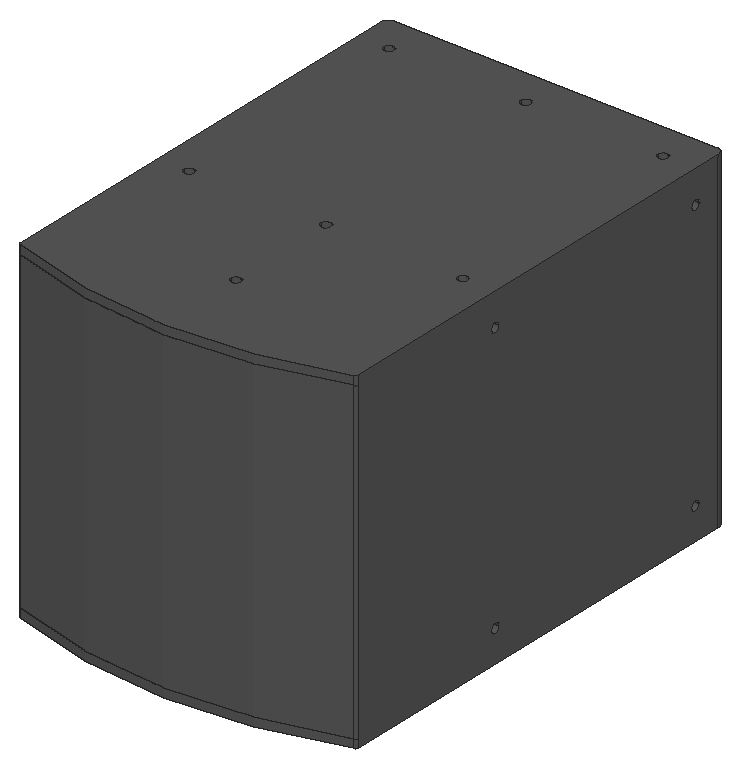
Revit family "1Electronics_Community_Biamp_Subwoofer_IS6-112", category Communication Devices, host Face, Revit 2020
Family settings
  Host = Face
  Maintain Annotation Orientation = No
  Round Connector Dimension = Use Diameter
  Part Type = Normal
  OmniClass Number = 23.85.10.11.14.14.14
  OmniClass Title = Loudspeakers
  Cut with Voids When Loaded = No
  Shared = No
  Room Calculation Point = No
Parameters (values of type "IS6-112 B")
  Width = 14.50"  # constant formula
  Weight = 64.00 lbf  # constant formula
  URL = "https://www.biamp.com/"
  Transducers = "1 x 12 (305mm) double-treated cone with 4 (102mm) inner/outer wound voice coil, ferrite construction"  # constant formula
  Shipping Weight = 72.00 lbf  # constant formula
  Recommended Amplifiers = "Single Amp - 700W - 1400W @ 8 ohms,  (75V - 106V)"  # constant formula
  Product data url = "https://bimobject.com/biamp/product/is6-112_community-subwoofer"
  Product Page URL = "https://www.biamp.com/products/product-families/community/community-subwoofers#is6-112"
  Product Documentation Link = "https://downloads.biamp.com/assets/docs/default-source/data-sheets/biamp_data_sheet_community_is6-112.pdf"
  Operating Range = "39 Hz to 150 Hz  "  # constant formula
  Operating Mode = "Single Amp"  # constant formula
  Operating Environment = "Indoor"  # constant formula
  Nominal Sensitivity = "Half Space - 1W: 100 dB - 2.83V: 100 dB; Whole Space - 1W: 94 dB - 2.83V: 94 dB"  # constant formula
  Nominal Maximum SPL = "Half Space - Peak: 134 dB - Continuous: 128 dB; Whole Space - Peak: 128 dB - Continuous: 122 dB"  # constant formula
  Mounting Points = "(24) M10 threaded rigging points"  # constant formula
  Model = "IS6-112 B"
  Manufacturer = "Biamp"  # constant formula
  Input Connection = "Screw terminal blocks (4-position)"  # constant formula
  Housing Material = Biamp - Plastic - Black
  Height = 14.30078"  # constant formula
  Grill Material = Biamp - Plastic - Black(Grid)
  Equalized Sensitivity = "Half Space - 1W: 96 dB - 2.83V: 96 dB; Whole Space - 1W: 90 dB - 2.83V: 90 dB"  # constant formula
  Equalized Maximum SPL = "Half Space - Peak: 130 dB - Continuous: 124 dB; Whole Space - Peak: 124 dB - Continuous: 118 dB"  # constant formula
  Environmental = "Outdoor: IP55W per IEC 60529 , MIL-STD-810G"  # constant formula
  Description = "IS6-112 Medium Power Single 12-Inch Subwoofer"  # constant formula
  Depth = 21.00"  # constant formula
  Default Elevation = 48.00"
  Continuous Power Handling  Nominal Impedance = "Single Amp - 75V, 700W @ 8 ohms (2800W peak)"  # constant formula
Types (3): name | Model | Housing Material | Grill Material
  (no name) | "IS6-112 B" | Biamp - Plastic - Black | Biamp - Plastic - Black(Grid)
  IS6-112 B | "IS6-112 B" | Biamp - Plastic - Black | Biamp - Plastic - Black(Grid)
  IS6-112 W | "IS6-112 W" | Biamp - Plastic - White | Biamp - Plastic - White(Grid)
Reference planes (in)
  plane 1 "Center (Front/Back)": y = 0
  plane 2: z = 0
  plane 3 "Center (Left/Right)": x = 0
  plane 4: y = 10.5
  plane 5: y = -10.5
  plane 6: x = -7.25
  plane 7: x = 7.25
  plane 8: z = 14.30078
  plane 9: z = 7.15039
Forms (in)
  Extrusion 1, solid, material "Biamp - Plastic - Black" <- "Housing Material", detail levels medium+fine
    sketch origin (0, 0, 0) x (1, 0, 0) y (0, 1, 0)
      loop
        arc (-6.875, 10.5) -> (-7.14017, 10.39017) -> (-7.25, 10.125) r 0.375
        line (-7.25, 10.125) -> (-7.25, -9.1097)
        arc (-7.25, -9.1097) -> (-7.19938, -9.18968) -> (-7.11963, -9.24067) r 0.21806
        arc (-7.11963, -9.24067) -> (0, -10.5) -> (7.11963, -9.24067) r 20.75508
        arc (7.11963, -9.24067) -> (7.19938, -9.18968) -> (7.25, -9.1097) r 0.21806
        line (7.25, -9.1097) -> (7.25, 10.125)
        arc (7.25, 10.125) -> (7.14017, 10.39017) -> (6.875, 10.5) r 0.375
        line (6.875, 10.5) -> (-6.875, 10.5)
    from 0 to 14.30078
  Extrusion 2, void
    sketch origin (0, 0, 0) x (1, 0, 0) y (0, 1, 0)
      loop
        circle (-5.87, 8.9) r 0.21654
      loop
        circle (0, 8.9) r 0.21654
      loop
        circle (-5.87, -1.81) r 0.21654
      loop
        circle (0, -1.81) r 0.21654
      loop
        circle (0, -6.63) r 0.21654
      loop
        circle (5.87, 8.9) r 0.21654
      loop
        circle (5.87, -1.81) r 0.21654
    from 13.92578 to 14.30078
  Extrusion 3, void
    sketch origin (0, 0, -13.92578) x (0, -1, 0) y (1, 0, 0)
      loop
        circle (-8.9, -5.87) r 0.21654
      loop
        circle (-8.9, 0) r 0.21654
      loop
        circle (1.81, -5.87) r 0.21654
      loop
        circle (1.81, 0) r 0.21654
      loop
        circle (6.63, 0) r 0.21654
      loop
        circle (-8.9, 5.87) r 0.21654
      loop
        circle (1.81, 5.87) r 0.21654
    from 13.92578 to 14.30078
  Extrusion 4, void
    sketch origin (0, 0, 0) x (0, 1, 0) y (0, 0, 1)
      loop
        circle (8.9, 1.38039) r 0.21654
      loop
        circle (8.9, 12.92039) r 0.21654
      loop
        circle (-1.81, 1.38039) r 0.21654
      loop
        circle (-1.81, 12.92039) r 0.21654
    from 6.875 to 7.25
  Extrusion 5, void
    sketch origin (-0.09961, 0, 0) x (0, 1, 0) y (0, 0, -1)
      loop
        circle (8.9, -1.38039) r 0.21654
      loop
        circle (8.9, -12.92039) r 0.21654
      loop
        circle (-1.81, -1.38039) r 0.21654
      loop
        circle (-1.81, -12.92039) r 0.21654
    from 6.7754 to 7.15039
  Extrusion 6, void
    sketch origin (0, 0, 0) x (1, 0, 0) y (0, 0, 1)
      loop
        circle (0, 12.92078) r 0.21654
      loop
        circle (0, 1.38) r 0.21654
      loop
        line (2.005, 10.68039) -> (-2.005, 10.68039)
        arc (-2.005, 10.68039) -> (-2.09339, 10.64378) -> (-2.13, 10.55539) r 0.125
        line (-2.13, 10.55539) -> (-2.13, 3.74539)
        arc (-2.13, 3.74539) -> (-2.09339, 3.657) -> (-2.005, 3.62039) r 0.125
        line (-2.005, 3.62039) -> (2.005, 3.62039)
        arc (2.005, 3.62039) -> (2.09339, 3.657) -> (2.13, 3.74539) r 0.125
        line (2.13, 3.74539) -> (2.13, 10.55539)
        arc (2.13, 10.55539) -> (2.09339, 10.64378) -> (2.005, 10.68039) r 0.125
    from -10.5 to -10.125
  Extrusion 7, void
    sketch origin (0, 0, 0) x (0, 1, 0) y (0, 0, 1)
      loop
        line (-9.1097, 13.92578) -> (-10.5, 13.92578) -> (-10.5, 0.375) -> (-9.1097, 0.375) -> (-9.1097, 13.92578)
    from -7.25 to 7.26945
  Extrusion 8, solid, material "Biamp - Plastic - Black(Grid)" <- "Grill Material", detail levels medium+fine
    sketch origin (0, 0, 0) x (1, 0, 0) y (0, 1, 0)
      loop
        line (7.25, -9.1097) -> (-7.25, -9.1097)
        arc (-7.25, -9.1097) -> (-7.19938, -9.18968) -> (-7.11963, -9.24067) r 0.21806
        arc (-7.11963, -9.24067) -> (0, -10.5) -> (7.11963, -9.24067) r 20.75508
        arc (7.11963, -9.24067) -> (7.19938, -9.18968) -> (7.25, -9.1097) r 0.21806
    from 0.375 to 13.92578
  Extrusion 9, solid, material "Biamp - Plastic - Black" <- "Housing Material", detail levels medium+fine
    sketch origin (0, 0, 0) x (1, 0, 0) y (0, 0, 1)
      loop
        line (-0.5, 9.68039) -> (-0.5, 9.43039) -> (0.5, 9.43039) -> (0.5, 9.68039) -> (-0.5, 9.68039)
      loop
        line (-0.5, 8.68039) -> (-0.5, 8.43039) -> (0.5, 8.43039) -> (0.5, 8.68039) -> (-0.5, 8.68039)
    from -10.3125 to -10.125
  Extrusion 10, solid, material "Biamp - Plastic - Black" <- "Housing Material", detail levels coarse
    sketch origin (0, 0, 0) x (1, 0, 0) y (0, 1, 0)
      loop
        arc (-6.875, 10.5) -> (-7.14017, 10.39017) -> (-7.25, 10.125) r 0.375
        line (-7.25, 10.125) -> (-7.25, -9.1097)
        arc (-7.25, -9.1097) -> (-7.19938, -9.18968) -> (-7.11963, -9.24067) r 0.21806
        arc (-7.11963, -9.24067) -> (0, -10.5) -> (7.11963, -9.24067) r 20.75508
        arc (7.11963, -9.24067) -> (7.19938, -9.18968) -> (7.25, -9.1097) r 0.21806
        line (7.25, -9.1097) -> (7.25, 10.125)
        arc (7.25, 10.125) -> (7.14017, 10.39017) -> (6.875, 10.5) r 0.375
        line (6.875, 10.5) -> (-6.875, 10.5)
    from 0 to 14.30078
Cuts and joins
  Extrusion 2, Extrusion 3, Extrusion 4, Extrusion 5, Extrusion 6, Extrusion 7 cuts Extrusion 1
Lines and regions (in)
  Masking region 1
    outline origin (0, 0, 0) x (1, 0, 0) y (0, 0, 1)
      loop
        line (-7.25, 14.30078) -> (-7.25, 0) -> (7.25, 0) -> (7.25, 14.30078) -> (-7.25, 14.30078)
  Masking region 2
    outline origin (0, 0, 0) x (0, 1, 0) y (0, 0, 1)
      loop
        line (10.5, 14.30078) -> (-10.5, 14.30078) -> (-10.5, 0) -> (10.5, 0) -> (10.5, 14.30078)
  Masking region 3
    outline origin (0, 0, 0) x (1, 0, 0) y (0, 1, 0)
      loop
        arc (-7.11963, -9.24067) -> (0, -10.5) -> (7.11963, -9.24067) r 20.75508
        arc (7.11963, -9.24067) -> (7.19938, -9.18968) -> (7.25, -9.1097) r 0.21806
        line (7.25, -9.1097) -> (7.25, 10.125)
        arc (7.25, 10.125) -> (7.14017, 10.39017) -> (6.875, 10.5) r 0.375
        line (6.875, 10.5) -> (-6.875, 10.5)
        arc (-6.875, 10.5) -> (-7.14017, 10.39017) -> (-7.25, 10.125) r 0.375
        line (-7.25, 10.125) -> (-7.25, -9.1097)
        arc (-7.25, -9.1097) -> (-7.19938, -9.18968) -> (-7.11963, -9.24067) r 0.21806
  symbolic lines
    curve 1: line (-7.25, 0, 14.30078) -> (7.25, 0, 14.30078)
    curve 2: line (-7.25, 0, 0) -> (-7.25, 0, 14.30078)
    curve 3: line (7.25, 0, 0) -> (-7.25, 0, 0)
    curve 4: line (7.25, 0, 14.30078) -> (7.25, 0, 0)
    curve 5: line (-7.25, 0, 13.92578) -> (7.25, 0, 13.92578)
    curve 6: line (-7.25, 0, 0.375) -> (7.25, 0, 0.375)
    curve 7: arc (-6.875, 10.5, 0) -> (-7.14017, 10.39017, 0) -> (-7.25, 10.125, 0) r 0.375
    curve 8: line (-7.25, 10.125, 0) -> (-7.25, -9.1097, 0)
    curve 9: line (7.25, -9.14366, 0) -> (7.25, 10.125, 0)
    curve 10: arc (7.25, 10.125, 0) -> (7.14017, 10.39017, 0) -> (6.875, 10.5, 0) r 0.375
    curve 11: line (6.875, 10.5, 0) -> (-6.875, 10.5, 0)
    curve 12: arc (-5.65346, 8.9, 0) -> (-5.87, 8.68346, 0) -> (-6.08654, 8.9, 0) r 0.21654
    curve 13: arc (-6.08654, 8.9, 0) -> (-5.87, 9.11654, 0) -> (-5.65346, 8.9, 0) r 0.21654
    curve 14: arc (0.21654, 8.9, 0) -> (0, 8.68346, 0) -> (-0.21654, 8.9, 0) r 0.21654
    curve 15: arc (-0.21654, 8.9, 0) -> (0, 9.11654, 0) -> (0.21654, 8.9, 0) r 0.21654
    curve 16: arc (-5.65346, -1.81, 0) -> (-5.87, -2.02654, 0) -> (-6.08654, -1.81, 0) r 0.21654
    curve 17: arc (-6.08654, -1.81, 0) -> (-5.87, -1.59346, 0) -> (-5.65346, -1.81, 0) r 0.21654
    curve 18: arc (0.21654, -1.81, 0) -> (0, -2.02654, 0) -> (-0.21654, -1.81, 0) r 0.21654
    curve 19: arc (-0.21654, -1.81, 0) -> (0, -1.59346, 0) -> (0.21654, -1.81, 0) r 0.21654
    curve 20: arc (0.21654, -6.63, 0) -> (0, -6.84654, 0) -> (-0.21654, -6.63, 0) r 0.21654
    curve 21: arc (-0.21654, -6.63, 0) -> (0, -6.41346, 0) -> (0.21654, -6.63, 0) r 0.21654
    curve 22: line (0, 10.5, 14.30078) -> (0, -10.5, 14.30078)
    curve 23: line (0, 10.5, 0) -> (0, 10.5, 14.30078)
    curve 24: line (0, -10.5, 0) -> (0, 10.5, 0)
    curve 25: line (0, -10.5, 14.30078) -> (0, -10.5, 0)
    curve 26: arc (0, -1.59346, 12.92039) -> (0, -1.81, 12.70386) -> (0, -2.02654, 12.92039) r 0.21654
    curve 27: arc (0, -2.02654, 12.92039) -> (0, -1.81, 13.13693) -> (0, -1.59346, 12.92039) r 0.21654
    curve 28: arc (0, 9.11654, 12.92039) -> (0, 8.9, 12.70386) -> (0, 8.68346, 12.92039) r 0.21654
    curve 29: arc (0, 8.68346, 12.92039) -> (0, 8.9, 13.13693) -> (0, 9.11654, 12.92039) r 0.21654
    curve 30: arc (0, -1.59346, 1.38039) -> (0, -1.81, 1.16386) -> (0, -2.02654, 1.38039) r 0.21654
    curve 31: arc (0, -2.02654, 1.38039) -> (0, -1.81, 1.59693) -> (0, -1.59346, 1.38039) r 0.21654
    curve 32: arc (0, 9.11654, 1.38039) -> (0, 8.9, 1.16386) -> (0, 8.68346, 1.38039) r 0.21654
    curve 33: arc (0, 8.68346, 1.38039) -> (0, 8.9, 1.59693) -> (0, 9.11654, 1.38039) r 0.21654
    curve 34: line (0, -9.14366, 14.30078) -> (0, -9.14366, 0)
    curve 35: line (0, -9.14366, 0.375) -> (0, -10.5, 0.375)
    curve 36: line (0, -9.14366, 13.92578) -> (0, -10.5, 13.92578)
    curve 37: arc (5.65346, 8.9, 0) -> (5.87, 8.68346, 0) -> (6.08654, 8.9, 0) r 0.21654
    curve 38: arc (6.08654, 8.9, 0) -> (5.87, 9.11654, 0) -> (5.65346, 8.9, 0) r 0.21654
    curve 39: arc (5.65346, -1.81, 0) -> (5.87, -2.02654, 0) -> (6.08654, -1.81, 0) r 0.21654
    curve 40: arc (6.08654, -1.81, 0) -> (5.87, -1.59346, 0) -> (5.65346, -1.81, 0) r 0.21654
Dimensions and locks (in)
  equal spacing: plane 5, plane 1 "Center (Front/Back)", plane 4
  "Depth": plane 4 to plane 5
  equal spacing: plane 6, plane 3 "Center (Left/Right)", plane 7
  "Width": plane 6 to plane 7
  "Height": plane 8 to plane 2
  equal spacing: plane 8, plane 9, plane 2
  aligned and locked: plane 2 to host face
  aligned and locked: level to host face
  aligned and locked: plane 8 to Extrusion 1
  aligned and locked: plane 8 to Extrusion 2
  aligned and locked: plane 7 to Extrusion 4
  aligned and locked: Extrusion 6 to plane 4
  aligned and locked: Extrusion 8 to cut or joined group of Extrusion 1, Extrusion 2, Extrusion 3, Extrusion 4, Extrusion 5, Extrusion 6, Extrusion 7  (x2)
  aligned and locked: cut or joined group of Extrusion 1, Extrusion 2, Extrusion 3, Extrusion 4, Extrusion 5, Extrusion 6, Extrusion 7 to Extrusion 9
  aligned and locked: plane 8 to Extrusion 10
  aligned and locked: Extrusion 10 to plane 2
  aligned and locked: Extrusion 7 to plane 6
Automatic sketch dimensions
  host sketch curve to host sketch curve = 96.00"  (x2)
  Extrusion 9 sketch curve to plane 3 "Center (Left/Right)" = 0.50"  (x2)
  plane 3 "Center (Left/Right)" to Extrusion 9 sketch curve = 0.50"  (x2)
  plane 9 to Extrusion 9 sketch curve = 1.28"
  Extrusion 9 sketch curve to Extrusion 9 sketch curve = 0.25"  (x2)
  Extrusion 9 sketch curve to Extrusion 9 sketch curve = 0.75"
  curve 12 to curve 13 = 0.00"  (x2)
  curve 14 to curve 15 = 0.00"  (x2)
  curve 16 to curve 17 = 0.00"  (x2)
  curve 18 to curve 19 = 0.00"  (x2)
  curve 20 to curve 21 = 0.00"  (x2)
  curve 37 to curve 38 = 0.00"  (x2)
  curve 39 to curve 40 = 0.00"  (x2)
  curve 8 to plane 6 = 0.00"
  plane 4 to curve 7 = 0.00"
  curve 21 to plane 3 "Center (Left/Right)" = 0.00"
  curve 19 to plane 3 "Center (Left/Right)" = 0.00"
  curve 15 to plane 3 "Center (Left/Right)" = 0.00"
  curve 9 to plane 7 = 0.00"
  plane 6 to curve 11 = 0.375"
  plane 6 to curve 17 = 1.38"
  plane 6 to curve 12 = 1.38"
  curve 40 to plane 7 = 1.38"
  curve 37 to plane 7 = 1.38"
  curve 10 to curve 9 = 0.375"
  curve 37 to curve 10 = 1.225"
  curve 12 to curve 7 = 1.225"
  plane 4 to curve 14 = 1.60"
  plane 1 "Center (Front/Back)" to curve 16 = 1.81"
  plane 1 "Center (Front/Back)" to curve 18 = 1.81"
  plane 1 "Center (Front/Back)" to curve 39 = 1.81"
  plane 5 to curve 20 = 3.87"
  curve 17 to curve 16 = 0.21654"
  curve 13 to curve 12 = 0.21654"
  curve 20 to curve 20 = 0.21654"
  curve 14 to curve 14 = 0.21654"
  curve 18 to curve 18 = 0.21654"
  curve 39 to curve 39 = 0.21654"
  curve 38 to curve 37 = 0.21654"
  plane 5 to curve 8 = 1.3903"
  plane 5 to curve 9 = 1.35634"
  curve 26 to curve 27 = 0.00"  (x2)
  curve 28 to curve 29 = 0.00"  (x2)
  curve 30 to curve 31 = 0.00"  (x2)
  curve 32 to curve 33 = 0.00"  (x2)
  curve 22 to plane 5 = 0.00"
  curve 34 to plane 8 = 0.00"
  curve 34 to level = 0.00"
  curve 23 to plane 4 = 0.00"
  plane 1 "Center (Front/Back)" to curve 26 = 1.81"
  plane 1 "Center (Front/Back)" to curve 30 = 1.81"
  plane 4 to curve 33 = 1.60"
  plane 4 to curve 28 = 1.60"
  level to curve 32 = 1.38039"
  level to curve 31 = 1.38039"
  curve 29 to plane 8 = 1.38039"
  curve 27 to plane 8 = 1.38039"
  level to curve 35 = 0.375"
  plane 5 to curve 35 = 1.35634"
  curve 26 to curve 26 = 0.21654"
  curve 31 to curve 30 = 0.21654"
  curve 29 to curve 28 = 0.21654"
  curve 32 to curve 32 = 0.21654"
  curve 36 to plane 8 = 0.375"
  curve 1 to plane 6 = 0.00"
  curve 4 to level = 0.00"
  curve 4 to plane 7 = 0.00"
  curve 1 to plane 8 = 0.00"
  level to curve 6 = 0.375"
  curve 5 to curve 1 = 0.375"
  Extrusion 1 sketch curve to plane 6 = 0.00"
  plane 4 to Extrusion 1 sketch curve = 0.00"
  Extrusion 1 sketch curve to plane 3 "Center (Left/Right)" = 0.00"
  Extrusion 1 sketch curve to plane 7 = 0.00"
  plane 6 to Extrusion 1 sketch curve = 0.20517"
  Extrusion 1 sketch curve to Extrusion 1 sketch curve = 0.375"
  Extrusion 1 sketch curve to plane 7 = 0.375"
  Extrusion 1 sketch curve to plane 7 = 0.20517"
  plane 5 to Extrusion 1 sketch curve = 1.46416"  (x2)
  Extrusion 1 sketch curve to Extrusion 1 sketch curve = 0.07387"  (x2)
  plane 4 to Extrusion 1 sketch curve = 0.24492"
  Extrusion 1 sketch curve to Extrusion 1 sketch curve = 0.00"
  Extrusion 2 sketch curve to plane 3 "Center (Left/Right)" = 0.00"  (x3)
  plane 6 to Extrusion 2 sketch curve = 1.38"  (x2)
  Extrusion 2 sketch curve to plane 7 = 1.38"  (x2)
  plane 5 to Extrusion 2 sketch curve = 3.87"
  plane 1 "Center (Front/Back)" to Extrusion 2 sketch curve = 1.81"  (x3)
  plane 4 to Extrusion 2 sketch curve = 1.60"  (x3)
  Extrusion 3 sketch curve to plane 3 "Center (Left/Right)" = 0.00"  (x3)
  plane 4 to Extrusion 3 sketch curve = 1.60"  (x3)
  plane 1 "Center (Front/Back)" to Extrusion 3 sketch curve = 1.81"  (x3)
  plane 5 to Extrusion 3 sketch curve = 3.87"
  plane 6 to Extrusion 3 sketch curve = 1.38"  (x2)
  Extrusion 3 sketch curve to plane 7 = 1.38"  (x2)
  plane 1 "Center (Front/Back)" to Extrusion 4 sketch curve = 1.81"  (x2)
  plane 4 to Extrusion 4 sketch curve = 1.60"  (x2)
  level to Extrusion 4 sketch curve = 1.38039"  (x2)
  Extrusion 4 sketch curve to plane 8 = 1.38039"  (x2)
  plane 1 "Center (Front/Back)" to Extrusion 5 sketch curve = 1.81"  (x2)
  plane 4 to Extrusion 5 sketch curve = 1.60"  (x2)
  Extrusion 5 sketch curve to plane 8 = 1.38039"  (x2)
  level to Extrusion 5 sketch curve = 1.38039"  (x2)
  Extrusion 6 sketch curve to plane 3 "Center (Left/Right)" = 0.00"  (x2)
  Extrusion 6 sketch curve to plane 3 "Center (Left/Right)" = 2.005"  (x2)
  Extrusion 6 sketch curve to Extrusion 6 sketch curve = 0.125"  (x2)
  plane 3 "Center (Left/Right)" to Extrusion 6 sketch curve = 2.005"  (x2)
  level to Extrusion 6 sketch curve = 1.38"
  Extrusion 6 sketch curve to Extrusion 6 sketch curve = 2.24039"
  plane 9 to Extrusion 6 sketch curve = 3.405"
  Extrusion 6 sketch curve to plane 8 = 1.38"
  Extrusion 7 sketch curve to plane 5 = 0.00"
  level to Extrusion 7 sketch curve = 0.375"
  plane 5 to Extrusion 7 sketch curve = 1.3903"
  Extrusion 7 sketch curve to plane 8 = 0.375"
  Extrusion 8 sketch curve to plane 6 = 0.00"
  Extrusion 8 sketch curve to plane 3 "Center (Left/Right)" = 0.00"
  Extrusion 8 sketch curve to plane 7 = 0.00"
  plane 6 to Extrusion 8 sketch curve = 0.20517"
  Extrusion 8 sketch curve to plane 7 = 0.20517"
  plane 5 to Extrusion 8 sketch curve = 1.3903"
  Extrusion 8 sketch curve to Extrusion 8 sketch curve = 0.07387"  (x2)
  plane 4 to Extrusion 8 sketch curve = 0.24492"
  Extrusion 8 sketch curve to Extrusion 8 sketch curve = 0.00"
  Extrusion 10 sketch curve to plane 6 = 0.00"
  plane 4 to Extrusion 10 sketch curve = 0.00"
  Extrusion 10 sketch curve to plane 3 "Center (Left/Right)" = 0.00"
  Extrusion 10 sketch curve to plane 7 = 0.00"
  plane 6 to Extrusion 10 sketch curve = 0.20517"
  plane 6 to Extrusion 10 sketch curve = 0.375"
  Extrusion 10 sketch curve to Extrusion 10 sketch curve = 0.375"
  Extrusion 10 sketch curve to plane 7 = 0.20517"
  plane 5 to Extrusion 10 sketch curve = 1.46416"  (x2)
  Extrusion 10 sketch curve to Extrusion 10 sketch curve = 0.07387"  (x2)
  plane 4 to Extrusion 10 sketch curve = 0.24492"
  Extrusion 10 sketch curve to Extrusion 10 sketch curve = 0.00"
  Masking region 1 sketch curve to level = 0.00"
  Masking region 1 sketch curve to plane 6 = 0.00"
  Masking region 1 sketch curve to plane 7 = 0.00"
  Masking region 1 sketch curve to plane 8 = 0.00"
  Masking region 2 sketch curve to plane 5 = 0.00"
  Masking region 2 sketch curve to level = 0.00"
  Masking region 2 sketch curve to plane 4 = 0.00"
  Masking region 2 sketch curve to plane 8 = 0.00"
  Masking region 3 sketch curve to plane 6 = 0.00"
  plane 4 to Masking region 3 sketch curve = 0.00"
  Masking region 3 sketch curve to plane 3 "Center (Left/Right)" = 0.00"
  Masking region 3 sketch curve to plane 7 = 0.00"
  plane 6 to Masking region 3 sketch curve = 0.20517"
  Masking region 3 sketch curve to Masking region 3 sketch curve = 0.375"
  Masking region 3 sketch curve to plane 7 = 0.375"
  Masking region 3 sketch curve to plane 7 = 0.20517"
  plane 5 to Masking region 3 sketch curve = 1.46416"  (x2)
  Masking region 3 sketch curve to Masking region 3 sketch curve = 0.07387"  (x2)
  plane 4 to Masking region 3 sketch curve = 0.24492"
  Masking region 3 sketch curve to Masking region 3 sketch curve = 0.00"
  radius of Extrusion 2 sketch curve = 0.21654"  (x7)
  radius of Extrusion 3 sketch curve = 0.21654"  (x7)
  radius of Extrusion 4 sketch curve = 0.21654"  (x4)
  radius of Extrusion 5 sketch curve = 0.21654"  (x4)
  radius of Extrusion 6 sketch curve = 0.21654"  (x2)
Connectors (in)
  electrical at (0.25, 10.3125, 9.55539)
    settings: on Extrusion 9, index 1, voltage 0 V, apparent load 0 VA, apparent load phase1 0 VA, apparent load phase2 0 VA, apparent load phase3 0 VA, power factor 1, load classification "Other", number of poles 1, system type 5, power factor state 1, is connector primary yes, connector utility no, sub classification motor no, connector description "Screw terminal blocks; LF Input"
  electrical at (0.25, 10.3125, 8.55539)
    settings: on Extrusion 9, index 2, voltage 0 V, apparent load 0 VA, apparent load phase1 0 VA, apparent load phase2 0 VA, apparent load phase3 0 VA, power factor 1, load classification "Other", number of poles 1, system type 5, power factor state 1, is connector primary no, connector utility no, sub classification motor no, connector description "Screw terminal blocks; LOOP Input"
  electrical at (-0.25, 10.3125, 9.55539)
    settings: on Extrusion 9, index 3, voltage 0 V, apparent load 0 VA, apparent load phase1 0 VA, apparent load phase2 0 VA, apparent load phase3 0 VA, power factor 1, load classification "Other", number of poles 1, system type 5, power factor state 1, is connector primary no, connector utility no, sub classification motor no, connector description "Screw terminal blocks; LF thru"
  electrical at (-0.25, 10.3125, 8.55539)
    settings: on Extrusion 9, index 4, voltage 0 V, apparent load 0 VA, apparent load phase1 0 VA, apparent load phase2 0 VA, apparent load phase3 0 VA, power factor 1, load classification "Other", number of poles 1, system type 5, power factor state 1, is connector primary no, connector utility no, sub classification motor no, connector description "Screw terminal blocks; LOOP thru"
